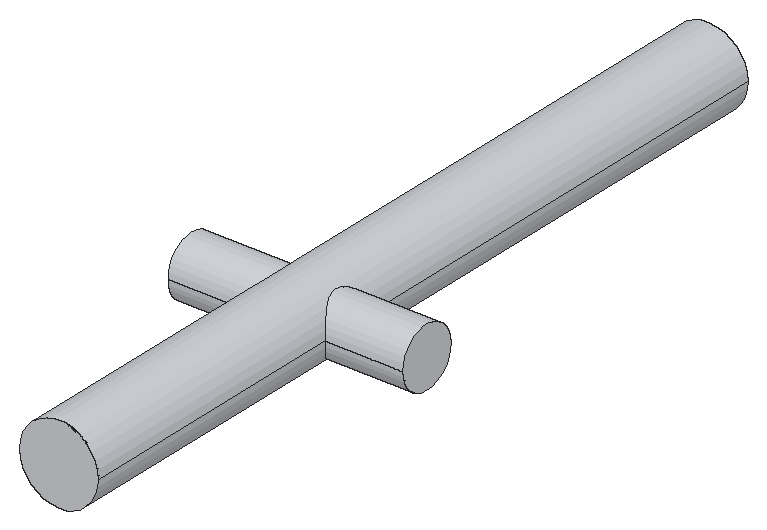
Revit family "Deca_Misturador termostato_Banho Luxo_2430.034", category Plumbing Fixtures, host Face, Revit 2019
Family settings
  Host = Face
  Round Connector Dimension = Use Radius
  Part Type = Normal
  Cut with Voids When Loaded = No
  Shared = No
  Room Calculation Point = No
Parameters (values of type "2430.C.034_Cromado")
  Vazão na Pressão mín. (L/min) = "8 l/min"
  Vazão na Pressão máx. (L/min) = "50 l/min"
  URL = "www.deca.com.br"
  Tipo de rosca de saída = "-"
  Tipo de rosca de entrada = "BSP NBR 8133"
  Tipo de mecanismo utilizado = "Cartucho Termostato"
  Tipo de dispositivo economizador = "Não"
  Segmento = "Banheiro Luxo"
  Saída de Esgoto = "-"
  Raio Água Quente = 7.5 mm  # constant formula
  Raio Água Fria Saída = 10 mm  # constant formula
  Raio Água Fria = 7.5 mm  # constant formula
  Pressão mín. funcionamento = "2 MCA"
  Pressão mín. Aquec. Passagem = "-"
  Pressão mín. Aquec. Acúmulo = "-"
  Pressão máx. funcionamento = "40 MCA"
  Peso Líquido (Kg) = 2.808
  Norma = "Não Possui"
  Model = "2430.C.034"
  Material = Deca_Cromado
  Manufacturer = "Deca"
  Linha = "Banho Luxo"
  Itens de Instalação = "-"
  Informações Complementares = "-"
  HWFU = 0
  Diâmetro Água Quente = 2 * Raio Água Quente  # 15 mm
  Diâmetro Água Fria Saída = 2 * Raio Água Fria Saída  # 20 mm
  Diâmetro Água Fria = 2 * Raio Água Fria  # 15 mm
  Description = "Misturador termostato"
  Default Elevation = 1000 mm
  Código Pai = "2430.034"
  Criado por = "quattroD"
  Cores Componente = "-"
  Cor Secundária = "-"
  Cor Principal = "Cromado"
  Cor Interna = "-"
  Consumo = "-"
  Composição Componente = "-"
  Composição Básica = "Liga de Cobre (bronze e latão),Plásticos de Engenharia,Elastômeros"
  Composição Assento = "-"
  Composição Anel Vedação = "-"
  Categoria = "METAIS PARA BANHEIRO"
  CWFU = 0
  Atendimento ao Cliente = "0800-0117073"
  Assembly Code = ""
  Aprovado por = "quattroD"
  Acompanha o Produto = "-"
Reference planes
  plane 1 "Center (Front/Back)": y = -0.768
  plane 2: z = 0
  plane 3 "Center (Left/Right)": x = 0
  plane 4 "Right_1": x = 65
  plane 5 "Top_1": y = 39.431
  plane 6 "Left_1": x = -65
  plane 7 "Bottom_2": y = -150.764
  plane 8 "Bottom_1": y = -80.768
Forms (mm)
  Extrusion 1, solid
    sketch origin (0, -0.768, 0) x (1, 0, 0) y (0, 0, 1)
      loop
        circle (0, -19.309) r 10
    from -47.24 to 158.707
  Extrusion 2, solid
    sketch origin (0, 0, 0) x (0, 1, 0) y (0, 0, 1)
      loop
        circle (-80.223, -19.309) r 7.5
    from -29.711 to 29.869
Lines and regions (mm)
  Masking region 1
    outline origin (-790.384, -543.864, 0) x (1, 0, 0) y (0, 1, 0)
      loop
        arc (855.384, 518.296) -> (790.384, 583.296) -> (725.384, 518.296) r 65
        line (725.384, 518.296) -> (725.384, 458.096)
        arc (725.384, 458.096) -> (790.384, 393.096) -> (855.384, 458.096) r 65
        line (855.384, 458.096) -> (855.384, 518.296)
  Masking region 2
    outline origin (919.571, -0.768, -540.475) x (1, 0, 0) y (0, 0, 1)
      loop
        arc (-961.666, 555.164) -> (-973.144, 552.48) -> (-983.674, 547.182) r 50
        arc (-983.674, 547.182) -> (-984.333, 546.461) -> (-984.571, 545.514) r 2
        line (-984.571, 545.514) -> (-984.571, 540.475) -> (-854.571, 540.475) -> (-854.571, 545.514)
        arc (-854.571, 545.514) -> (-854.809, 546.461) -> (-855.468, 547.182) r 2
        arc (-855.468, 547.182) -> (-865.998, 552.48) -> (-877.476, 555.164) r 50
        arc (-877.476, 555.164) -> (-884.642, 555.403) -> (-891.811, 555.429) r 241.724
        line (-891.811, 555.429) -> (-891.811, 572.104)
        arc (-891.811, 572.104) -> (-892.253, 573.172) -> (-893.321, 573.614) r 1.51
        line (-893.321, 573.614) -> (-895.221, 573.614) -> (-895.221, 606.26)
        arc (-895.221, 606.26) -> (-895.807, 607.674) -> (-897.221, 608.26) r 2
        line (-897.221, 608.26) -> (-899.517, 608.26)
        arc (-899.517, 608.26) -> (-900.06, 610.542) -> (-900.754, 612.783) r 35
        arc (-900.754, 612.783) -> (-901.09, 613.249) -> (-901.627, 613.453) r 1
        arc (-901.627, 613.453) -> (-905.922, 613.725) -> (-910.221, 613.923) r 250
        arc (-910.221, 613.923) -> (-919.571, 614.624) -> (-928.921, 613.923) r 62.733
        arc (-928.921, 613.923) -> (-933.22, 613.725) -> (-937.515, 613.453) r 250
        arc (-937.515, 613.453) -> (-938.052, 613.249) -> (-938.388, 612.783) r 1
        arc (-938.388, 612.783) -> (-939.082, 610.542) -> (-939.625, 608.26) r 35
        line (-939.625, 608.26) -> (-941.921, 608.26)
        arc (-941.921, 608.26) -> (-943.335, 607.674) -> (-943.921, 606.26) r 2
        line (-943.921, 606.26) -> (-943.921, 573.614) -> (-945.821, 573.614)
        arc (-945.821, 573.614) -> (-946.889, 573.172) -> (-947.331, 572.104) r 1.51
        line (-947.331, 572.104) -> (-947.331, 555.429)
        arc (-947.331, 555.429) -> (-954.5, 555.403) -> (-961.666, 555.164) r 241.724
  Masking region 3
    outline origin (0, -1088.609, -680.375) x (0, 1, 0) y (0, 0, 1)
      loop
        line (1128.045, 680.375) -> (1128.045, 685.414)
        arc (1128.045, 685.414) -> (1127.806, 686.361) -> (1127.148, 687.082) r 2
        arc (1127.148, 687.082) -> (1117.804, 691.932) -> (1107.651, 694.718) r 50
        arc (1107.651, 694.718) -> (1106.296, 694.732) -> (1104.941, 694.747) r 11411.856
        line (1104.941, 694.747) -> (1104.941, 709.16) -> (1112.191, 709.16) -> (1112.191, 746.16)
        arc (1112.191, 746.16) -> (1111.605, 747.574) -> (1110.191, 748.16) r 2
        line (1110.191, 748.16) -> (1104.491, 748.16) -> (1104.491, 749.46)
        arc (1104.491, 749.46) -> (1087.841, 750.51) -> (1071.191, 749.46) r 132.5
        line (1071.191, 749.46) -> (1071.191, 748.16) -> (1069.476, 748.16) -> (1065.491, 748.16)
        arc (1065.491, 748.16) -> (1064.076, 747.574) -> (1063.491, 746.16) r 2
        line (1063.491, 746.16) -> (1063.491, 709.16) -> (1070.741, 709.16) -> (1070.741, 695.058)
        arc (1070.741, 695.058) -> (1053.171, 695.178) -> (1035.601, 695.27) r 11411.856
        line (1035.601, 695.27) -> (1035.601, 712.004)
        arc (1035.601, 712.004) -> (1035.158, 713.071) -> (1034.091, 713.514) r 1.51
        line (1034.091, 713.514) -> (1026.102, 713.514) -> (1026.102, 715.713) -> (1028.341, 715.713) -> (1028.253, 725.702) -> (1034.345, 725.908)
        arc (1034.345, 725.908) -> (1034.696, 726.056) -> (1034.841, 726.408) r 0.5
        line (1034.841, 726.408) -> (1034.841, 737.419)
        arc (1034.841, 737.419) -> (1034.696, 737.771) -> (1034.345, 737.919) r 0.5
        line (1034.345, 737.919) -> (1028.591, 737.969) -> (1028.591, 741.213)
        arc (1028.591, 741.213) -> (1028.104, 747.029) -> (1026.658, 752.683) r 35
        arc (1026.658, 752.683) -> (1026.322, 753.149) -> (1025.785, 753.353) r 1
        arc (1025.785, 753.353) -> (1022.247, 753.582) -> (1018.707, 753.762) r 250
        arc (1018.707, 753.762) -> (1017.965, 754.081) -> (1017.191, 754.313) r 7.091
        arc (1017.191, 754.313) -> (1007.841, 754.523) -> (998.491, 754.313) r 208.3
        arc (998.491, 754.313) -> (997.717, 754.081) -> (996.974, 753.762) r 7.091
        arc (996.974, 753.762) -> (987.08, 753.134) -> (977.218, 752.115) r 250
        spline (977.218, 752.115) -> (977.1, 752.089) -> (976.984, 752.053) -> (976.875, 752.003) -> (976.771, 751.94) -> (976.677, 751.866) -> (976.591, 751.781) -> (976.517, 751.686) -> (976.455, 751.582) -> (976.405, 751.472) -> (976.37, 751.357) -> (976.348, 751.239) -> (976.341, 751.118)
        line (976.341, 751.118) -> (976.341, 729.953)
        arc (976.341, 729.953) -> (976.417, 729.57) -> (976.634, 729.245) r 1
        line (976.634, 729.245) -> (980.166, 725.713) -> (987.428, 725.713) -> (987.341, 715.713) -> (989.374, 715.713) -> (989.374, 713.514) -> (981.591, 713.514)
        arc (981.591, 713.514) -> (980.523, 713.071) -> (980.081, 712.004) r 1.51
        line (980.081, 712.004) -> (980.081, 695.386)
        arc (980.081, 695.386) -> (972.9, 695.381) -> (965.72, 695.372) r 11411.856
        arc (965.72, 695.372) -> (951.634, 693.17) -> (938.742, 687.082) r 50
        arc (938.742, 687.082) -> (938.083, 686.361) -> (937.845, 685.414) r 2
        line (937.845, 685.414) -> (937.845, 680.375) -> (1128.045, 680.375)
  symbolic lines
    curve 1: arc (65, -25.569, 0) -> (0, 39.431, 0) -> (-65, -25.569, 0) r 65
    curve 2: line (-65, -25.569, 0) -> (-65, -85.769, 0)
    curve 3: arc (-65, -85.769, 0) -> (0, -150.769, 0) -> (65, -85.769, 0) r 65
    curve 4: line (65, -85.769, 0) -> (65, -25.569, 0)
    curve 5: line (-42.095, -25.569, 0) -> (-65, -25.569, 0)
    curve 6: line (-65, -85.769, 0) -> (-41.33, -85.769, 0)
    curve 7: line (65, -25.569, 0) -> (42.095, -25.569, 0)
    curve 8: line (41.33, -85.769, 0) -> (65, -85.769, 0)
    curve 9: circle (0, -0.773, 0) r 16.65 normal (0, 0, 1)
    curve 10: circle (0, -80.773, 0) r 9.35 normal (0, 0, 1)
    curve 11: arc (13.878, 19.236, 0) -> (0, 23.577, 0) -> (-13.878, 19.236, 0) r 24.35
    curve 12: arc (-13.878, -20.781, 0) -> (0, -25.123, 0) -> (13.878, -20.781, 0) r 24.35
    curve 13: arc (-13.878, -20.781, 0) -> (-14.6, -19.85, 0) -> (-14.659, -18.674, 0) r 1.964
    curve 14: arc (-14.659, -18.674, 0) -> (-15.847, -9.922, 0) -> (-22.833, -4.517, 0) r 11.652
    curve 15: arc (-22.833, -4.517, 0) -> (-23.822, -3.877, 0) -> (-24.267, -2.787, 0) r 1.964
    curve 16: arc (-24.267, -2.787, 0) -> (-24.35, -0.773, 0) -> (-24.267, 1.242, 0) r 24.35
    curve 17: arc (-24.267, 1.242, 0) -> (-23.825, 2.336, 0) -> (-22.831, 2.973, 0) r 1.94
    curve 18: arc (-14.659, 17.129, 0) -> (-15.847, 8.378, 0) -> (-22.831, 2.973, 0) r 11.652
    curve 19: arc (-13.878, 19.236, 0) -> (-14.6, 18.305, 0) -> (-14.659, 17.129, 0) r 1.964
    curve 20: arc (13.878, 19.236, 0) -> (14.6, 18.305, 0) -> (14.659, 17.129, 0) r 1.964
    curve 21: arc (14.659, 17.129, 0) -> (15.847, 8.377, 0) -> (22.833, 2.972, 0) r 11.652
    curve 22: arc (22.833, 2.972, 0) -> (23.822, 2.332, 0) -> (24.267, 1.242, 0) r 1.964
    curve 23: arc (13.878, -20.781, 0) -> (14.6, -19.85, 0) -> (14.659, -18.674, 0) r 1.964
    curve 24: arc (24.267, -2.787, 0) -> (23.814, -3.871, 0) -> (22.833, -4.517, 0) r 2.011
    curve 25: arc (22.833, -4.517, 0) -> (15.847, -9.922, 0) -> (14.659, -18.674, 0) r 11.652
    curve 26: arc (24.267, -2.787, 0) -> (24.366, -0.772, 0) -> (24.267, 1.242, 0) r 20.375
    curve 27: arc (-24.266, 1.244, 0) -> (-21.087, 11.403, 0) -> (-13.878, 19.236, 0) r 24.35
    curve 28: arc (-24.35, -0.773, 0) -> (-21.574, -12.064, 0) -> (-13.878, -20.781, 0) r 24.35
    curve 29: arc (13.878, -20.781, 0) -> (21.578, -12.064, 0) -> (24.366, -0.772, 0) r 24.388
    curve 30: arc (13.878, 19.236, 0) -> (21.088, 11.403, 0) -> (24.267, 1.242, 0) r 24.35
    curve 31: arc (-42.095, -25.569, 0) -> (-36.254, -1.981, 0) -> (-18.701, 14.822, 0) r 43.628
    curve 32: arc (42.095, -25.569, 0) -> (36.254, -1.981, 0) -> (18.701, 14.822, 0) r 43.628
    curve 33: arc (-42.095, -25.569, 0) -> (-42.508, -55.679, 0) -> (-41.33, -85.769, 0) r 569.998
    curve 34: arc (42.095, -25.569, 0) -> (42.508, -55.679, 0) -> (41.33, -85.769, 0) r 569.998
    curve 35: arc (-41.33, -85.769, 0) -> (-27.873, -112.355, 0) -> (0, -122.893, 0) r 41.161
    curve 36: arc (41.33, -85.769, 0) -> (27.873, -112.355, 0) -> (0, -122.893, 0) r 41.161
    curve 37: arc (0, -61.955, 0) -> (-13.306, -67.467, 0) -> (-18.817, -80.773, 0) r 18.817
    curve 38: arc (0, -61.955, 0) -> (13.306, -67.467, 0) -> (18.817, -80.773, 0) r 18.817
    curve 39: arc (-18.817, -80.773, 0) -> (-16.477, -89.861, 0) -> (-10.039, -96.688, 0) r 18.817
    curve 40: arc (18.817, -80.773, 0) -> (16.477, -89.861, 0) -> (10.039, -96.688, 0) r 18.817
    curve 41: arc (-10.039, -96.688, 0) -> (-4.374, -102.797, 0) -> (-2.5, -110.914, 0) r 16.179
    curve 42: arc (10.039, -96.688, 0) -> (4.374, -102.797, 0) -> (2.5, -110.914, 0) r 16.179
    curve 43: circle (0, -80.773, 0) r 27.76 normal (0, 0, 1)
    curve 44: arc (-5.898, -59.059, 0) -> (-22.486, -81.569, 0) -> (-4.347, -102.849, 0) r 22.5
    curve 45: arc (4.499, -102.818, 0) -> (22.489, -81.491, 0) -> (5.898, -59.059, 0) r 22.5
    curve 46: line (-5.856, -54.268, 0) -> (-5.913, -60.883, 0)
    curve 47: line (5.856, -54.268, 0) -> (5.913, -60.883, 0)
    curve 48: arc (5.856, -54.268, 0) -> (5.708, -53.917, 0) -> (5.356, -53.773, 0) r 0.5
    curve 49: line (-5.356, -53.773, 0) -> (5.356, -53.773, 0)
    curve 50: arc (-5.356, -53.773, 0) -> (-5.708, -53.917, 0) -> (-5.856, -54.268, 0) r 0.5
    curve 51: arc (-5.913, -60.883, 0) -> (0, -60.023, 0) -> (5.913, -60.883, 0) r 20.75
    curve 52: arc (-42.095, -0.768, 14.689) -> (-53.573, -0.768, 12.004) -> (-64.103, -0.768, 6.707) r 50
    curve 53: arc (-64.103, -0.768, 6.707) -> (-64.762, -0.768, 5.986) -> (-65, -0.768, 5.039) r 2
    curve 54: line (-65, -0.768, 5.039) -> (-65, -0.768, 0)
    curve 55: line (-65, -0.768, 0) -> (65, -0.768, 0)
    curve 56: line (65, -0.768, 0) -> (65, -0.768, 5.039)
    curve 57: arc (65, -0.768, 5.039) -> (64.762, -0.768, 5.986) -> (64.103, -0.768, 6.707) r 2
    curve 58: arc (64.103, -0.768, 6.707) -> (53.573, -0.768, 12.004) -> (42.095, -0.768, 14.689) r 50
    curve 59: line (65, -0.768, 5.039) -> (-65, -0.768, 5.039)
    curve 60: line (-24.35, -0.768, 65.785) -> (-24.35, -0.768, 28.785)
    curve 61: line (-24.35, -0.768, 28.785) -> (24.35, -0.768, 28.785)
    curve 62: line (24.35, -0.768, 28.785) -> (24.35, -0.768, 65.785)
    curve 63: spline (24.267, -0.768, 65.785) -> (24.24, -0.768, 65.817) -> (24.194, -0.768, 65.85) -> (24.128, -0.768, 65.881) -> (24.044, -0.768, 65.912) -> (23.942, -0.768, 65.942) -> (23.823, -0.768, 65.969) -> (23.688, -0.768, 65.995) -> (23.539, -0.768, 66.019) -> (23.377, -0.768, 66.041) -> (23.205, -0.768, 66.06) -> (23.022, -0.768, 66.076) -> (22.833, -0.768, 66.089)
    curve 64: line (27.76, -0.768, 14.689) -> (27.76, -0.768, 31.628)
    curve 65: arc (26.25, -0.768, 33.138) -> (27.318, -0.768, 32.696) -> (27.76, -0.768, 31.628) r 1.51
    curve 66: line (26.25, -0.768, 33.138) -> (24.35, -0.768, 33.138)
    curve 67: line (-24.35, -0.768, 33.138) -> (-26.25, -0.768, 33.138)
    curve 68: arc (-27.76, -0.768, 31.628) -> (-27.318, -0.768, 32.696) -> (-26.25, -0.768, 33.138) r 1.51
    curve 69: line (-27.76, -0.768, 31.628) -> (-27.76, -0.768, 14.689)
    curve 70: line (-17.1, -0.768, 28.785) -> (-17.1, -0.768, 14.689)
    curve 71: line (17.1, -0.768, 28.785) -> (17.1, -0.768, 14.689)
    curve 72: arc (22.35, -0.768, 67.785) -> (23.764, -0.768, 67.199) -> (24.35, -0.768, 65.785) r 2
    curve 73: arc (-24.35, -0.768, 65.785) -> (-23.764, -0.768, 67.199) -> (-22.35, -0.768, 67.785) r 2
    curve 74: line (-12.743, -0.768, 67.785) -> (-22.35, -0.768, 67.785)
    curve 75: arc (12.738, -0.768, 67.785) -> (14.053, -0.768, 67.291) -> (14.72, -0.768, 66.054) r 2
    curve 76: arc (14.72, -0.768, 66.054) -> (16.419, -0.768, 54.84) -> (18.658, -0.768, 43.721) r 235.22
    curve 77: arc (18.658, -0.768, 43.721) -> (19.216, -0.768, 41.637) -> (19.937, -0.768, 39.603) r 27.491
    curve 78: arc (19.937, -0.768, 39.603) -> (20.248, -0.768, 38.961) -> (20.648, -0.768, 38.371) r 4.963
    curve 79: arc (20.648, -0.768, 38.371) -> (21.081, -0.768, 38.184) -> (21.475, -0.768, 38.443) r 0.496
    curve 80: arc (22.174, -0.768, 41.131) -> (22.641, -0.768, 46.503) -> (22.862, -0.768, 51.89) r 117.934
    curve 81: arc (22.862, -0.768, 51.89) -> (22.919, -0.768, 58.99) -> (22.833, -0.768, 66.089) r 352.292
    curve 82: arc (22.833, -0.768, 66.089) -> (22.7, -0.768, 66.968) -> (22.35, -0.768, 67.785) r 3.492
    curve 83: arc (22.174, -0.768, 41.131) -> (21.916, -0.768, 39.763) -> (21.475, -0.768, 38.443) r 10.225
    curve 84: arc (-12.738, -0.768, 67.785) -> (-14.053, -0.768, 67.291) -> (-14.72, -0.768, 66.054) r 2
    curve 85: arc (-14.72, -0.768, 66.054) -> (-16.419, -0.768, 54.84) -> (-18.658, -0.768, 43.721) r 235.22
    curve 86: arc (-18.658, -0.768, 43.721) -> (-19.216, -0.768, 41.637) -> (-19.937, -0.768, 39.603) r 27.491
    curve 87: arc (-19.937, -0.768, 39.603) -> (-20.248, -0.768, 38.961) -> (-20.648, -0.768, 38.371) r 4.963
    curve 88: arc (-20.648, -0.768, 38.371) -> (-21.081, -0.768, 38.184) -> (-21.475, -0.768, 38.443) r 0.496
    curve 89: arc (-22.174, -0.768, 41.131) -> (-22.641, -0.768, 46.503) -> (-22.862, -0.768, 51.89) r 117.934
    curve 90: arc (-22.862, -0.768, 51.89) -> (-22.919, -0.768, 58.99) -> (-22.833, -0.768, 66.089) r 352.292
    curve 91: arc (-22.833, -0.768, 66.089) -> (-22.7, -0.768, 66.968) -> (-22.35, -0.768, 67.785) r 3.492
    curve 92: arc (-22.174, -0.768, 41.131) -> (-21.916, -0.768, 39.763) -> (-21.475, -0.768, 38.443) r 10.225
    curve 93: line (12.738, -0.768, 67.785) -> (22.35, -0.768, 67.785)
    curve 94: arc (12.738, -0.768, 67.785) -> (-0.003, -0.768, 67.739) -> (-12.743, -0.768, 67.785) r 1764.413
    curve 95: arc (18.817, -0.768, 72.308) -> (19.511, -0.768, 70.067) -> (20.054, -0.768, 67.785) r 35
    curve 96: arc (17.944, -0.768, 72.978) -> (18.481, -0.768, 72.774) -> (18.817, -0.768, 72.308) r 1
    curve 97: arc (9.35, -0.768, 73.448) -> (13.649, -0.768, 73.25) -> (17.944, -0.768, 72.978) r 250
    curve 98: arc (-18.817, -0.768, 72.308) -> (-18.481, -0.768, 72.774) -> (-17.944, -0.768, 72.978) r 1
    curve 99: arc (-20.054, -0.768, 67.785) -> (-19.511, -0.768, 70.067) -> (-18.817, -0.768, 72.308) r 35
    curve 100: arc (-17.944, -0.768, 72.978) -> (-13.649, -0.768, 73.25) -> (-9.35, -0.768, 73.448) r 250
    curve 101: arc (9.35, -0.768, 73.448) -> (0, -0.768, 74.148) -> (-9.35, -0.768, 73.448) r 62.733
    curve 102: arc (-16.65, -0.768, 69.085) -> (0, -0.768, 70.135) -> (16.65, -0.768, 69.085) r 132.5
    curve 103: line (16.65, -0.768, 67.785) -> (16.65, -0.768, 69.085)
    curve 104: line (-16.65, -0.768, 69.085) -> (-16.65, -0.768, 67.785)
    curve 105: arc (42.095, -0.768, 14.689) -> (34.929, -0.768, 14.928) -> (27.76, -0.768, 14.954) r 241.724
    curve 106: arc (-42.095, -0.768, 14.689) -> (-34.929, -0.768, 14.928) -> (-27.76, -0.768, 14.954) r 241.724
    curve 107: line (42.095, -0.768, 14.689) -> (-42.095, -0.768, 14.689)
    curve 108: line (0, 23.582, 65.785) -> (0, 23.582, 28.785)
    curve 109: line (0, 23.582, 28.785) -> (0, -25.118, 28.785)
    curve 110: line (0, -25.118, 28.785) -> (0, -25.118, 65.785)
    curve 111: arc (0, -25.118, 65.785) -> (0, -24.532, 67.199) -> (0, -23.118, 67.785) r 2
    curve 112: line (0, -23.118, 67.785) -> (0, -19.133, 67.785)
    curve 113: line (0, -19.133, 67.785) -> (0, 21.582, 67.785)
    curve 114: arc (0, 21.582, 67.785) -> (0, 22.996, 67.199) -> (0, 23.582, 65.785) r 2
    curve 115: arc (0, -122.888, 14.996) -> (0, -136.975, 12.795) -> (0, -149.867, 6.707) r 50
    curve 116: arc (0, -149.867, 6.707) -> (0, -150.526, 5.986) -> (0, -150.764, 5.039) r 2
    curve 117: line (0, -150.764, 5.039) -> (0, -150.764, 0)
    curve 118: line (0, -150.764, 0) -> (0, 39.436, 0)
    curve 119: line (0, 39.436, 0) -> (0, 39.436, 5.039)
    curve 120: arc (0, 39.436, 5.039) -> (0, 39.198, 5.986) -> (0, 38.539, 6.707) r 2
    curve 121: arc (0, 38.539, 6.707) -> (0, 29.195, 11.557) -> (0, 19.043, 14.343) r 50
    curve 122: arc (0, 19.043, 14.343) -> (0, -51.922, 14.89) -> (0, -122.888, 14.996) r 11411.856
    curve 123: line (0, -17.868, 28.785) -> (0, -17.868, 14.683)
    curve 124: line (0, 16.332, 28.785) -> (0, 16.332, 14.372)
    curve 125: line (0, -108.528, 15.011) -> (0, -108.528, 31.628)
    curve 126: arc (0, -108.528, 31.628) -> (0, -108.086, 32.696) -> (0, -107.018, 33.138) r 1.51
    curve 127: line (0, -107.018, 33.138) -> (0, -54.518, 33.138)
    curve 128: arc (0, -54.518, 33.138) -> (0, -53.45, 32.696) -> (0, -53.008, 31.628) r 1.51
    curve 129: line (0, -53.008, 31.628) -> (0, -53.008, 14.707)
    curve 130: arc (0, -91.634, 73.386) -> (0, -101.529, 72.759) -> (0, -111.391, 71.74) r 250
    curve 131: spline (0, -111.39, 71.735) -> (0, -111.509, 71.713) -> (0, -111.624, 71.677) -> (0, -111.734, 71.628) -> (0, -111.837, 71.565) -> (0, -111.932, 71.491) -> (0, -112.017, 71.405) -> (0, -112.091, 71.31) -> (0, -112.154, 71.207) -> (0, -112.203, 71.097) -> (0, -112.239, 70.982) -> (0, -112.261, 70.863) -> (0, -112.268, 70.743)
    curve 132: line (0, -112.268, 70.743) -> (0, -112.268, 49.577)
    curve 133: arc (0, -112.268, 49.577) -> (0, -112.192, 49.195) -> (0, -111.975, 48.87) r 1
    curve 134: line (0, -111.975, 48.87) -> (0, -108.443, 45.338)
    curve 135: arc (0, -71.418, 73.938) -> (0, -80.768, 74.148) -> (0, -90.118, 73.938) r 208.3
    curve 136: arc (0, -61.951, 72.308) -> (0, -62.287, 72.774) -> (0, -62.824, 72.978) r 1
    curve 137: arc (0, -60.018, 60.838) -> (0, -60.505, 66.654) -> (0, -61.951, 72.308) r 35
    curve 138: line (0, -101.181, 45.338) -> (0, -101.268, 35.338)
    curve 139: line (0, -60.268, 35.338) -> (0, -60.355, 45.338)
    curve 140: line (0, -108.443, 45.338) -> (0, -60.018, 45.338)
    curve 141: line (0, -53.768, 46.032) -> (0, -53.768, 57.044)
    curve 142: arc (0, -54.264, 45.532) -> (0, -53.913, 45.68) -> (0, -53.768, 46.032) r 0.5
    curve 143: line (0, -54.264, 45.532) -> (0, -60.018, 45.338)
    curve 144: arc (0, -53.768, 57.044) -> (0, -53.913, 57.396) -> (0, -54.264, 57.544) r 0.5
    curve 145: line (0, -54.264, 57.544) -> (0, -60.018, 57.594)
    curve 146: line (0, -60.018, 57.594) -> (0, -60.018, 60.838)
    curve 147: arc (0, -62.824, 72.978) -> (0, -66.361, 73.207) -> (0, -69.902, 73.386) r 250
    curve 148: arc (0, -90.118, 73.938) -> (0, -90.892, 73.706) -> (0, -91.634, 73.386) r 7.091
    curve 149: arc (0, -71.418, 73.938) -> (0, -70.644, 73.706) -> (0, -69.902, 73.386) r 7.091
    curve 150: line (0, -101.268, 35.338) -> (0, -60.268, 35.338)
    curve 151: arc (0, -20.776, 65.785) -> (0, -20.223, 60.815) -> (0, -19.531, 55.862) r 178.823
    curve 152: arc (0, -19.531, 55.862) -> (0, -18.668, 50.481) -> (0, -17.453, 45.168) r 82.599
    curve 153: arc (0, -17.453, 45.168) -> (0, -16.56, 42.263) -> (0, -15.279, 39.507) r 22.201
    curve 154: arc (0, -15.279, 39.507) -> (0, -14.999, 39.063) -> (0, -14.666, 38.658) r 4.296
    curve 155: arc (0, -5.346, 53.144) -> (0, -3.868, 59.425) -> (0, -2.782, 65.785) r 104.011
    curve 156: arc (0, -11.312, 38.487) -> (0, -13.032, 37.719) -> (0, -14.666, 38.658) r 2.076
    curve 157: arc (0, -9.193, 41.676) -> (0, -6.956, 47.305) -> (0, -5.346, 53.144) r 55.515
    curve 158: arc (0, -19.133, 67.785) -> (0, -20.333, 67.096) -> (0, -20.776, 65.785) r 1.955
    curve 159: arc (0, -2.782, 65.785) -> (0, -2.744, 66.799) -> (0, -2.504, 67.785) r 5.069
    curve 160: arc (0, 19.24, 65.785) -> (0, 18.687, 60.815) -> (0, 17.995, 55.862) r 178.823
    curve 161: arc (0, 17.995, 55.862) -> (0, 17.133, 50.481) -> (0, 15.917, 45.168) r 82.599
    curve 162: arc (0, 15.917, 45.168) -> (0, 15.024, 42.263) -> (0, 13.743, 39.507) r 22.201
    curve 163: arc (0, 13.743, 39.507) -> (0, 13.306, 38.859) -> (0, 12.758, 38.302) r 4.296
    curve 164: arc (0, 3.81, 53.144) -> (0, 2.332, 59.425) -> (0, 1.246, 65.785) r 104.011
    curve 165: arc (0, 9.776, 38.487) -> (0, 11.496, 37.719) -> (0, 13.13, 38.658) r 2.076
    curve 166: arc (0, 7.657, 41.676) -> (0, 5.42, 47.305) -> (0, 3.81, 53.144) r 55.515
    curve 167: arc (0, 17.597, 67.785) -> (0, 18.797, 67.096) -> (0, 19.24, 65.785) r 1.955
    curve 168: arc (0, 1.246, 65.785) -> (0, 1.208, 66.799) -> (0, 0.968, 67.785) r 5.069
    curve 169: arc (0, -17.418, 69.085) -> (0, -0.768, 70.135) -> (0, 15.882, 69.085) r 132.5
    curve 170: line (0, 15.882, 69.085) -> (0, 15.882, 67.785)
    curve 171: line (0, -17.418, 69.085) -> (0, -17.418, 67.785)
    curve 172: arc (0, -96.684, 72.308) -> (0, -98.126, 67.503) -> (0, -98.763, 62.527) r 30.579
    curve 173: line (0, -98.763, 62.527) -> (0, -98.763, 45.338)
    curve 174: line (0, -99.235, 35.338) -> (0, -99.235, 33.138)
    curve 175: line (0, -62.507, 35.338) -> (0, -62.507, 33.138)
    curve 176: line (0, -150.764, 5.039) -> (0, 39.436, 5.039)
    curve 177: line (0, -85.764, 0) -> (0, -85.764, 14.996)
    curve 178: line (0, -25.564, 0) -> (0, -25.564, 14.738)
    curve 179: arc (0, -11.312, 38.487) -> (0, -10.133, 40.002) -> (0, -9.198, 41.678) r 12.616
    curve 180: arc (0, 9.776, 38.487) -> (0, 8.597, 40.002) -> (0, 7.662, 41.678) r 12.616
Dimensions and locks
  aligned and locked: host face to plane 2
  aligned and locked: level to host face
Connectors
  piping at (0, 46.472, -19.309), diameter 20, driven by "Raio Água Fria Saída"
    settings: on Extrusion 1, index 1, connector inside diameter 0.7874", connector length 0 mm, flow factor 0, pipe flow 0 GPM, pressure drop 0.00 psi, fitting loss kfactor 0, connector angle 0.00°, fixture units 0, engagement length 0 mm, angle of deflection 0.00°, flow configuration 3, flow direction 2, fitting loss method 4, system type 29, joint type 0, gender type 0, connector reference index -1, connector utility 0, adjustable connector no, is connector primary yes, connector description ""
  piping at (0, -159.475, -19.309), diameter 20, driven by "Raio Água Fria Saída"
    settings: on Extrusion 1, index 2, connector inside diameter 0.7874", connector length 0 mm, flow factor 0, pipe flow 0 GPM, pressure drop 0.00 psi, fitting loss kfactor 0, connector angle 0.00°, fixture units 0, engagement length 0 mm, angle of deflection 0.00°, flow configuration 3, flow direction 2, fitting loss method 4, system type 29, joint type 0, gender type 0, connector reference index -1, connector utility 0, adjustable connector no, is connector primary no, connector description ""
  piping at (29.869, -80.223, -19.309), diameter 15, driven by "CWFU"
    settings: on Extrusion 2, index 3, connector inside diameter 0.59055", connector length 0 mm, flow factor 0, pipe flow 0 GPM, pressure drop 0.00 psi, fitting loss kfactor 0, connector angle 0.00°, fixture units 0, engagement length 0 mm, angle of deflection 0.00°, flow configuration 3, flow direction 1, fitting loss method 4, system type 20, joint type 0, gender type 0, connector reference index -1, connector utility 0, adjustable connector no, is connector primary no, connector description ""
  piping at (-29.711, -80.223, -19.309), diameter 15, driven by "HWFU", driven by "Raio Água Fria"
    settings: on Extrusion 2, index 4, connector inside diameter 0.59055", connector length 0 mm, flow factor 0, pipe flow 0 GPM, pressure drop 0.00 psi, fitting loss kfactor 0, connector angle 0.00°, fixture units 0, engagement length 0 mm, angle of deflection 0.00°, flow configuration 3, flow direction 1, fitting loss method 4, system type 19, joint type 0, gender type 0, connector reference index -1, connector utility 0, adjustable connector no, is connector primary no, connector description ""
